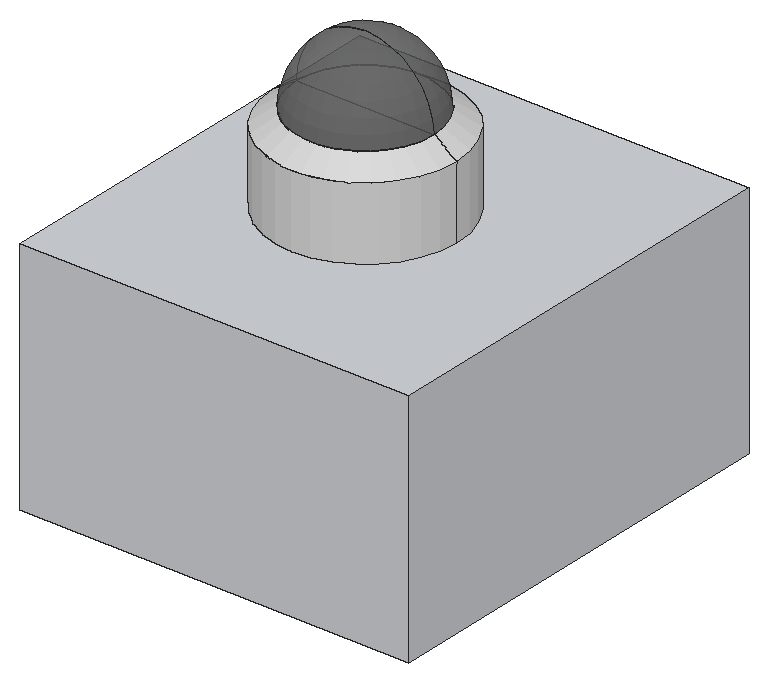
Revit family
Parameters (values of type "Super Dynamic 5")
  z Type = 7
  z Dome Smoked Visible [instance] = not(z Dome Clear Visible)  # yes
  z Dome Radius = (Height - z Base Height)  # 2.250"
  z Dome Material Smoked = Glass - Panasonic - Smoked
  z Dome Height Offset [instance] = if(Has Ceiling Mount, 0.500", z Base Height)  # 2.875"
  z Dome Clear Visible [instance] = and(z Type = 3, Has Clear Dome)  # no
  z Camera Height = 3.625"
  z Bracket Radius = z Dome Radius + 1.250"  # 3.500"
  z Base is Visible [instance] = not(Has Ceiling Mount)  # yes
  z Base Radius = (Diameter / 2)  # 3.000"
  z Base Height = 2.875"
  Wide Dynamic Range (Super Dynamic) = yes
  Weight = 1.98415 lbf
  Voltage AC = 24 V
  Vandal Resistant = no
  URL = "http://security.panasonic.com/pss/security/"
  Tilting Range = "-75 to +75"
  Storage Temperature = "14°F - 122°F"  # constant formula
  Regulatory Compliance = "UL 60065, FCC Part 15 Class A, C-UL CAN/CSA C22.2 No.60065:03, ICES 003 Class A"
  Provide Feedback = "https://www.surveymonkey.com/s/95FL6QY"
  Product Page URL = "http://panasonic.net/pss/security/products/an/fdc00.html"
  Product Material = Paint - Panasonic - Sail White
  Product Documentation Link = "ftp://ftp.panasonic.com/pub/Panasonic/business/security/spec_sheets/WV-CF504_2A-070L.pdf"
  Power Active = 3.4 W
  Part Number = Model  # "WV-CF504"
  Part Description = Description  # "Security Camera, Fixed Dome, Super Dynamic 5"
  Panning Range = "+170 to -170"
  Original Creation Date = "August 13, 2012"
  Operational Temperature = "14°F - 122°F"  # constant formula
  Operational Humidity = "90% or less (without condensation)"
  Mounting Positions = "Mount Dependent"
  Model Disclaimer = "Contact Panasonic for more information"  # constant formula
  Model = "WV-CF504"
  Minimum Illumination = 0.1 lx
  Manufacturer = "Panasonic"  # constant formula
  Lens Mount = "CS Mount"
  Indoor Or Outdoor = "Indoor"
  IP Or Analog = "Analog"
  Height = 5.125"
  Has Clear Dome [instance] = no
  Has Ceiling Mount [instance] = no
  Family Version = "1.0.0"  # constant formula
  Equipment Number [instance] = ""
  Equipment Abbreviation = "SC"
  Dome Part Number [instance] = if(and(z Type = 1, Has Clear Dome), "Smoke Dome Only", if(z Type = 1, "WV-CF5S", if(and(z Type = 2, Has Clear Dome), "Smoke Dome Only", if(z Type = 2, "WV-CF5S", if(and(z Type = 3, Has Clear Dome), "WV-NF5C", if(z Type = 3, "WV-NF5S", if(and(z Type = 5, Has Clear Dome), "Smoke Dome Only", if(z Type = 5, "Supplied Dome", if(and(z Type = 6, Has Clear Dome), "Smoke Dome Only", if(z Type = 6, "Supplied Dome", if(and(z Type = 7, Has Clear Dome), "Smoke Dome Only", "Select One Option")))))))))))  # "Select One Option"
  Diameter = 6.000"
  Description = "Security Camera, Fixed Dome, Super Dynamic 5"
  Default Elevation = 0.000"
  Day Or Night = "Yes"
  Date Last Modified = "August 13, 2012"
  Copyright = "Copyright © Panasonic"  # constant formula
  Communication Ports = "BNC (1 Vp-p)"
  Auto Back Focus = yes
  Angle Of View = "73.6"
  Accessory Part Number [instance] = if(and(z Type = 1, Has Ceiling Mount), "WV-Q168", if(z Type = 1, "Select One Option", if(and(z Type = 2, Has Ceiling Mount), "WV-Q168", if(z Type = 2, "Select One Option", if(and(z Type = 3, Has Ceiling Mount), "Not Available", if(z Type = 3, "Select One Option", if(and(z Type = 5, Has Ceiling Mount), "WV-Q174", if(z Type = 5, "Select One Option", if(and(z Type = 6, Has Ceiling Mount), "WV-Q174", if(z Type = 6, "Select One Option", if(and(z Type = 7, Has Ceiling Mount), "WV-Q175", if(z Type = 7, "Select One Option", "Not Available"))))))))))))  # "Select One Option"
Types (7): name | z Type | z Dome Radius | z Dome Material Smoked | z Dome Height Offset | z Bracket Radius | z Base Radius | z Base Height | Wide Dynamic Range (Super Dynamic) | Weight | Tilting Range | Regulatory Compliance | Product Material | Product Documentation Link | Power Active | Part Number | Part Description | Panning Range | Model | Minimum Illumination | Lens Mount | Height | Dome Part Number | Diameter | Description | Angle Of View
  (no name) | 7 | 2.250" | Glass - Panasonic - Smoked | 2.875" | 3.500" | 3.000" | 2.875" | yes | 1.98415 lbf | "-75 to +75" | "UL 60065, FCC Part 15 Class A, C-UL CAN/CSA C22.2 No.60065:03, ICES 003 Class A" | Paint - Panasonic - Sail White | "ftp://ftp.panasonic.com/pub/Panasonic/business/security/spec_sheets/WV-CF504_2A-070L.pdf" | 3.4 W | "WV-CF504" | "Security Camera, Fixed Dome, Super Dynamic 5" | "+170 to -170" | "WV-CF504" | 0.1 lx | "CS Mount" | 5.125" | "Select One Option" | 6.000" | "Security Camera, Fixed Dome, Super Dynamic 5" | "73.6"
  Day/Night | 1 | 1.750" | Glass - Panasonic - Smoked | 1.875" | 3.000" | 2.5625" | 1.875" | no | 1.01412 lbf | "-75 to +75" | "UL 60065, FCC Part 15 Class A, C-UL C22.2 No.60065:03, ICES 003 Class A" | Paint - Panasonic - Silver | "http://panasonic.net/pss/security/products/pdf/WV-CF284CF294_2A-027BA.pdf" | 2.7 W | "WV-CF284" | "Security Camera, Fixed Dome, Day/Night" | "+180 to -140" | "WV-CF284" | 0.9 lx | " " | 3.625" | "WV-CF5S" | 5.125" | "Security Camera, Fixed Dome, Day/Night" | "72.6"
  Day/Night, ABF | 2 | 1.750" | Glass - Panasonic - Smoked | 1.875" | 3.000" | 2.5625" | 1.875" | no | 1.01412 lbf | "-75 to +75" | "UL 60065, FCC Part 15 Class A, C-UL C22.2 No.60065:03, ICES 003 Class A" | Paint - Panasonic - Silver | "http://panasonic.net/pss/security/products/pdf/WV-CF284CF294_2A-027BA.pdf" | 2.7 W | "WV-CF294" | "Security Camera, Fixed Dome, Day/Night" | "+180 to -140" | "WV-CF294" | 0.9 lx | " " | 3.625" | "WV-CF5S" | 5.125" | "Security Camera, Fixed Dome, Day/Night" | "73.5"
  Day/Night, resolution 650 | 5 | 1.625" | Glass - Panasonic - Smoked | 2.125" | 2.875" | 2.125" | 2.125" | no | 0.705477 lbf | "-90 to +90" | "Ul 6500, FCC Part 15 Class A, C-UL E60065, ICES 003 " | Paint - Panasonic - Sail White | "http://cr.panasonic.com/assets/19000-19999/ucm_stg_cnt_053852.pdf" | 2.1 W | "WV-CF344" | "Security Camera, Fixed Dome, Day/Night" | "+180 to -170" | "WV-CF344" | 0.1 lx | "Proprietary" | 3.750" | "Supplied Dome" | 4.250" | "Security Camera, Fixed Dome, Day/Night" | "100.3"
  Day/Night, resolution 650, ABF | 6 | 1.625" | Glass - Panasonic - Smoked | 2.125" | 2.875" | 2.125" | 2.125" | no | 0.705477 lbf | "-90 to +90" | "Ul 6500, FCC Part 15 Class A, C-UL E60065, ICES 003 " | Paint - Panasonic - Sail White | "http://cr.panasonic.com/assets/19000-19999/ucm_stg_cnt_053852.pdf" | 2.1 W | "WV-CF354" | "Security Camera, Fixed Dome, Day/Night" | "+180 to -170" | "WV-CF354" | 0 lx | "Proprietary" | 3.750" | "Supplied Dome" | 4.250" | "Security Camera, Fixed Dome, Day/Night" | "100.3"
  Super Dynamic 5 | 7 | 2.250" | Glass - Panasonic - Smoked | 2.875" | 3.500" | 3.000" | 2.875" | yes | 1.98415 lbf | "-75 to +75" | "UL 60065, FCC Part 15 Class A, C-UL CAN/CSA C22.2 No.60065:03, ICES 003 Class A" | Paint - Panasonic - Sail White | "ftp://ftp.panasonic.com/pub/Panasonic/business/security/spec_sheets/WV-CF504_2A-070L.pdf" | 3.4 W | "WV-CF504" | "Security Camera, Fixed Dome, Super Dynamic 5" | "+170 to -170" | "WV-CF504" | 0.1 lx | "CS Mount" | 5.125" | "Select One Option" | 6.000" | "Security Camera, Fixed Dome, Super Dynamic 5" | "73.6"
  Day/Night, Metal Body | 3 | 1.844" | Glass - Panasonic - Clear | 2.031" | 3.094" | 2.875" | 2.031" | no | 1.65346 lbf | "-75 to +75" | "Ul 6500, FCC Part 15 Class A, C-UL E60065, ICES 003 Class A" | Paint - Panasonic - Silver | "http://panasonic.net/pss/security/products/pdf/WV-CF324_2A-031BA.pdf" | 2.7 W | "WV-CF324" | "Security Camera, Clear Fixed Dome, Day/Night, Metal" | "+180 to -140" | "WV-CF324" | 1.8 lx | " " | 3.875" | "WV-NF5S" | 5.750" | "Security Camera, Clear Fixed Dome, Day/Night, Metal" | "73.5"
Reference planes (in)
  plane 1 "Center (Front/Back)": y = 0
  plane 2: z = 0
  plane 3 "Center (Left/Right)": x = 0
  plane 4: z = 0
  plane 5: x = -3
  plane 6: x = -2.25
  plane 7: x = 2.5625
  plane 8: z = 2.875
  plane 9: z = 2.375
  plane 10: z = 5.125
Forms (in)
  Extrusion 1, solid
    sketch origin (0, 0, 0) x (1, 0, 0) y (0, 1, 0)
      loop
        line (-5.65138, 6.85016) -> (-5.65138, -7.02141) -> (7.02141, -7.02141) -> (7.02141, 6.85016) -> (-5.65138, 6.85016)
    from 0 to -7.78407
  Revolve 2, solid, material "Paint - Panasonic - Sail White" <- "Product Material", visible <- "z Base is Visible"
    sketch origin (0, 0, 0) x (1, 0, 0) y (0, 0, 1)
      loop
        line (0, 0) -> (0, 2.875) -> (-2.25, 2.875) -> (-3, 2.375) -> (-3, 0) -> (0, 0)
      axis (0, 2.875) -> (0, 0)
    angle from 0 to 360
  Revolve 3, solid, material "Glass - Panasonic - Smoked" <- "z Dome Material Smoked", visible <- "z Dome Clear Visible"
    sketch origin (0, 0, 0) x (1, 0, 0) y (0, 0, 1)
      loop
        line (-2.25, 2.875) -> (0, 2.875) -> (0, 5.125)
        arc (0, 5.125) -> (-1.59099, 4.46599) -> (-2.25, 2.875) r 2.25
      axis (0, 5.125) -> (0, 2.875)
    angle from 0 to 360
  Revolve 4, solid, material "Glass - Panasonic - Smoked", visible <- "z Dome Smoked Visible"
    sketch origin (0, 0, 0) x (1, 0, 0) y (0, 0, 1)
      loop
        arc (0, 5.125) -> (-1.59099, 4.46599) -> (-2.25, 2.875) r 2.25
        line (-2.25, 2.875) -> (0, 2.875) -> (0, 5.125)
      axis (0, 5.125) -> (0, 2.875)
    angle from 0 to 360
Lines and regions (in)
  Masking region 1, visible <- "z Base is Visible"
    outline origin (0, 0, 0) x (1, 0, 0) y (0, 1, 0)
      loop
        circle (0, 0) r 3
  Masking region 2, visible <- "Has Ceiling Mount"
    outline origin (0, 0, 0) x (1, 0, 0) y (0, 1, 0)
      loop
        circle (0, 0) r 3.5
  Masking region 3, detail levels fine
    outline origin (0, 0, 0) x (1, 0, 0) y (0, 1, 0)
      loop
        circle (0, 0) r 1.75
Dimensions and locks (in)
  "z Base Height": plane 8 to plane 4
  "z Base Radius": plane 3 "Center (Left/Right)" to plane 5
  locked: plane 8 to plane 9 at 0.5
  "z Dome Radius": plane 3 "Center (Left/Right)" to plane 6
  "z Dome Radius": plane 10 to plane 8
  "z Dome Height Offset": plane 8 to plane 2
  "z Base Radius": radius of Masking region 1 sketch curve
  "z Bracket Radius": radius of Masking region 2 sketch curve
  aligned and locked: plane 2 to Extrusion 1
  aligned and locked: level to Extrusion 1
  aligned and locked: plane 5 to Revolve 2 sketch curve
  aligned and locked: plane 9 to Revolve 2 sketch curve
  aligned and locked: plane 6 to Revolve 2 sketch curve
  aligned and locked: plane 4 to Revolve 2 sketch curve
  aligned and locked: Revolve 2 sketch curve to plane 3 "Center (Left/Right)"
  aligned and locked: plane 8 to Revolve 2 sketch curve
  aligned and locked: Revolve 2 sketch curve to plane 5
  aligned and locked: plane 3 "Center (Left/Right)" to Revolve 3 sketch curve
  aligned and locked: plane 8 to Revolve 3 sketch curve
  aligned and locked: plane 3 "Center (Left/Right)" to Revolve 4 sketch curve
  aligned and locked: plane 8 to Revolve 4 sketch curve
  aligned and locked: plane 10 to Revolve 4 sketch curve
  aligned and locked: plane 6 to Revolve 4 sketch curve
Automatic sketch dimensions
  Extrusion 1 sketch curve to Extrusion 1 sketch curve = 12.67279"
  Extrusion 1 sketch curve to Extrusion 1 sketch curve = 13.87157"
  Revolve 2 sketch curve to plane 3 "Center (Left/Right)" = 0.000"
  plane 9 to Revolve 2 sketch curve = 0.11875"
  Revolve 2 sketch curve to Revolve 2 sketch curve = 0.250"
  Revolve 3 sketch curve to plane 6 = 0.000"
  Revolve 3 sketch curve to plane 3 "Center (Left/Right)" = 0.000"
  Revolve 3 sketch curve to Revolve 3 sketch curve = 0.82961"
  Revolve 3 sketch curve to Revolve 3 sketch curve = 0.250"
  plane 1 "Center (Front/Back)" to Masking region 1 sketch curve = 0.000"
  Masking region 1 sketch curve to plane 3 "Center (Left/Right)" = 0.000"
  plane 1 "Center (Front/Back)" to Masking region 2 sketch curve = 0.000"
  Masking region 2 sketch curve to plane 3 "Center (Left/Right)" = 0.000"
  Revolve 4 sketch curve to plane 3 "Center (Left/Right)" = 0.000"
  plane 10 to Revolve 4 sketch curve = 0.344"
  Revolve 4 sketch curve to Revolve 4 sketch curve = 0.156"
  plane 1 "Center (Front/Back)" to Masking region 3 sketch curve = 0.000"
  Masking region 3 sketch curve to plane 3 "Center (Left/Right)" = 0.000"
  radius of Masking region 3 sketch curve = 1.750"
Nested families (in)
  nested 1: "Mount - Camera-Security-Panasonic-Fixed_Dome" at (0, 0, 0), Has Ceiling Mount <- "Has Ceiling Mount", Dome Radius <- "z Dome Radius", Product Material <- "Product Material", type "Mount"
    with z Bracket Radius 3.820", Product Material Paint - Panasonic - Sail White, Has Ceiling Mount no, Equipment Number "", Dome Radius 2.250"
Connectors (in)
  electrical at (0, 0, 0), driven by "Voltage AC", driven by "Power Active"
    settings: on Revolve 2, index 1, voltage 24 V, apparent load 3.4 W, apparent load phase1 0.0 W, apparent load phase2 0.0 W, apparent load phase3 0.0 W, power factor 1, load classification "Other", number of poles 1, system type 30, power factor state 1, is connector primary yes, connector utility no, sub classification motor no, connector description "Electrical Connector"
Definition of nested family "Mount - Camera-Security-Panasonic-Fixed_Dome"
  Parameters (values of type "Mount")
    z Bracket Radius [instance] = Dome Radius + 1.570"  # 3.820"
    URL = "http://panasonic.net"
    Provide Feedback = "https://www.surveymonkey.com/s/95FL6QY"
    Product Material [instance] = Paint - Panasonic - Silver
    Product Documentation Link = ""
    Part Number = Model  # "WV-Q175"
    Part Description = ""
    Original Creation Date = "*8/13/2012"
    Model Disclaimer = "*Contact Panasonic for more information"
    Model = "WV-Q175"
    Manufacturer = "*Panasonic"
    Keynote = ""
    Has Ceiling Mount [instance] = yes
    Family Version = "*1.0.0"
    Equipment Number [instance] = ""
    Equipment Abbreviation = ""
    Dome Radius [instance] = 2.250"
    Default Elevation = 0.000"
    Date Last Modified = "*8/13/2012"
    Copyright = "*Copyright © Panasonic"
    Assembly Code = ""
  Reference planes (in)
    plane 1 "Center (Front/Back)": y = 0
    plane 2: z = 0
    plane 3 "Center (Left/Right)": x = 0
    plane 4: z = 0.5
    plane 5: z = 0.125
    plane 6: x = -3.82
    plane 7: z = 0
    plane 8: x = -2.25
    plane 9: z = 0.32
    plane 10: z = 4.32
    plane 11: z = 3.146
    plane 12: z = 3.814
    plane 13: z = -3.63
    plane 14: z = -3.24904
    plane 15: z = -3.12404
    plane 16: z = 5.5
    plane 17: z = 7.75
    plane 18: y = -2.75
    plane 19: y = 2.75
    plane 20: z = 0.5
    plane 21: y = -1.56732
    plane 22: y = 1.33268
    plane 23: x = 3.05
    plane 24: x = 3.25
    plane 25: x = 3.1565
    plane 26: y = -3.25
    plane 27: y = -3
    plane 28: x = 2.9065
    plane 29: x = 3.7815
    plane 30: x = -3.7815
    plane 31: y = 0.375
    plane 32: y = -0.375
  Forms (in)
    Extrusion 1, solid
      sketch origin (0, 0, 0) x (1, 0, 0) y (0, 1, 0)
        loop
          line (-48, 48) -> (-48, -48) -> (48, -48) -> (48, 48) -> (-48, 48)
      from 0 to -12
    Revolve 2, solid, material "Paint - Panasonic - Silver" <- "Product Material", visible <- "Has Ceiling Mount"
      sketch origin (0, 0, 0) x (1, 0, 0) y (0, 0, 1)
        loop
          line (-3.82, 0.125) -> (-3.82, 0) -> (-2.25, 0) -> (-2.25, 0.5) -> (-3.82, 0.125)
        axis (0, 0) -> (0, 0.5)
      angle from 0 to 360
  Lines and regions (in)
    Masking region 1, visible <- "Has Ceiling Mount"
      outline origin (0, 0, 0) x (1, 0, 0) y (0, 1, 0)
        loop
          circle (0, 0) r 3.82
  Dimensions and locks (in)
    locked: plane 5 to plane 7 at 0.125
    locked: plane 4 to plane 7 at 0.5
    locked: plane 6 to plane 8 at 1.57
    "Dome Radius": plane 3 "Center (Left/Right)" to plane 8
    plane 16 to Extrusion 1 = 5.500"
    locked: plane 21 to plane 22 at 2.9
    "z Bracket Radius": radius of Masking region 1 sketch curve
    aligned and locked: plane 2 to Extrusion 1
    aligned and locked: level to Extrusion 1
  Automatic sketch dimensions
    Extrusion 1 sketch curve to Extrusion 1 sketch curve = 96.000"  (x2)
    Revolve 2 sketch curve to plane 5 = 0.000"
    plane 6 to Revolve 2 sketch curve = 0.000"
    Revolve 2 sketch curve to level = 0.000"
    Revolve 2 sketch curve to plane 8 = 0.000"
    Revolve 2 sketch curve to plane 3 "Center (Left/Right)" = 0.000"
    Revolve 2 sketch curve to plane 4 = 0.000"
    plane 4 to Revolve 2 sketch curve = 0.13987"
    Revolve 2 sketch curve to Revolve 2 sketch curve = 0.17601"
    plane 1 "Center (Front/Back)" to Masking region 1 sketch curve = 0.000"
    Masking region 1 sketch curve to plane 3 "Center (Left/Right)" = 0.000"
